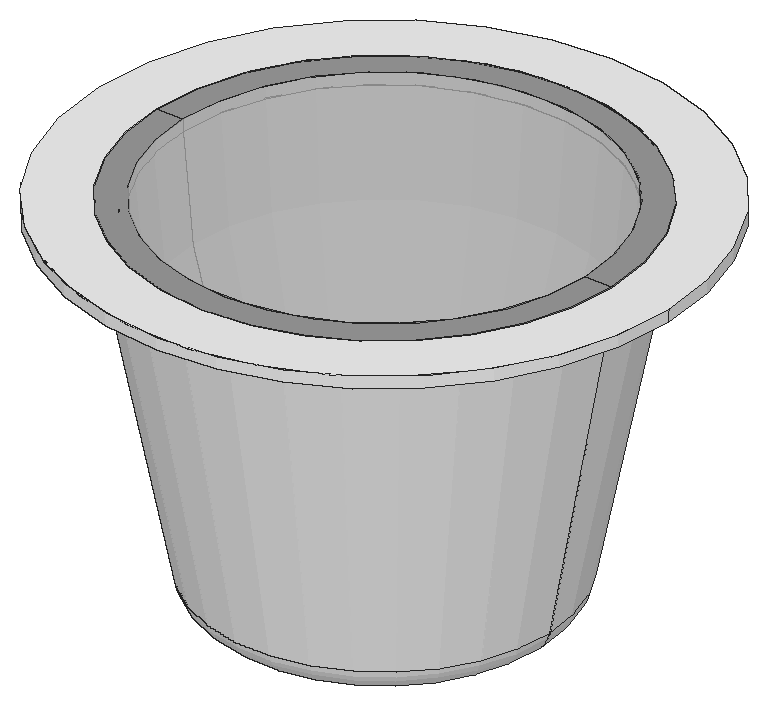
Revit family "2060521 Sylvania Lighting Fixture ASCENT100 II ARCH 1200 3K STD EMG 120", category Lighting Fixtures, host Face, Revit 2016
Family settings
  Host = Face
  Part Type = Normal
  Round Connector Dimension = Use Diameter
  OmniClass Number = 23.80.70.11.17
  OmniClass Title = Specialized Lighting by Location or Use
  Cut with Voids When Loaded = No
  Light Source = Yes
  Shared = No
  Room Calculation Point = No
Parameters (values of type "2060521 ASCT100 II ARCH 1200 3K STD EMG 120 Emergency mode")
  Weight = "1.43 kg"
  WarrantyStartDate [instance] = "n/a"
  WarrantyGuarantorParts = "n/a"
  WarrantyDurationUnit = "n/a"
  WarrantyDurationParts = "n/a"
  WarrantyDescription = "n/a"
  Voltage = 0 V
  TypeName = "ASCT100 II ARCH 1200 3K STD EMG 120 Emergency mode"
  SerialNumber [instance] = "n/a"
  ReflectorRadius_SYL = Radius_SYL - 15.0 mm  # 60.0 mm
  PowerFactor = 0
  PowerConsumption = "12 W"
  NominalWidth = 0.0 mm
  NominalLength = 0.0 mm
  NominalHeight = 94.0 mm
  Name = "ASCT100 II ARCH 1200 3K STD EMG 120 Emergency mode"
  ModelReference = "ASCT100 II ARCH 1200 3K STD EMG 120 Emergency mode"
  ModelNumber = "2060521"
  Material_4_SYL = Aluminium_Sylvania_Ascent_Silver
  Radius_SYL = 75.0 mm
  Wattage = 1.71134 W
  built-in parameter 1150110 = 1 (stored number, unit not read)
  URL = "http://www.sylvania-lighting.com"
  built-in parameter 1114217 = 1 (stored number, unit not read)
  Tilt Angle = -90°
  built-in parameter 1150109 = 1 (stored number, unit not read)
  built-in parameter 1150134 = (empty or 0)
  built-in parameter 1150113 = 1 (stored number, unit not read)
  Photometric Web File = "2060521EM.ies"
  Material = "aluminium housing, acrylic diffuser"
  ManufacturerName = "Feilo Sylvania"
  LuminousEfficacy = "97 lm/W"
  LuminaireType = ""
  LightOutputRatio = "100"
  LampsType = Lamp  # "LED"
  LampNominalLuminous = "1160 lm"
  LampMacAdamStep = "n/a"
  LampColourTemperature = "3000 K"
  LampColourRenderingIndex = "80"
  Keynote = "16500"
  InstallationDate [instance] = "n/a"
  InputVoltage = "n/a"
  InputNominalFrequency = "n/a"
  IngressProtection = "IP40"
  ImpactProtectionIndex = "IK02"
  IfcExportType = "IfcLightFixtureType"
  IfcExportAs = "IfcLightFixtureType"
  Height_SYL = 94.0 mm
  ExpectedLife = 50000
  Emit from Circle Diameter = 2 * DiffuserRadius_SYL  # 106.0 mm
  Emit Shape Visible in Rendering = no
  ElectricShockClassification = "Class II"
  DurationUnit = "hours"
  DocumentationLiterature = "http://www.sylvania-lighting.com/product/en-int/products/2060521"
  DimmingControlOptions = "n/a"
  DiffuserRadius_SYL = ReflectorRadius_SYL - 7.0 mm  # 53.0 mm
  Material_3_SYL = Polycarbonate_Sylvania_Ascent_Clear
  Diameter_SYL = 2 * Radius_SYL  # 150.0 mm
  CutoutDiameter_SYL = Diameter_SYL - 13.0 mm  # 137.0 mm
  CreatedOn = "9/17/2018"
  CreatedBy = "@sylvania-lighting.com"
  built-in parameter 1114216 [instance] = 1 (stored number, unit not read)
  Model = "ASCT100 II ARCH 1200 3K STD EMG 120 Emergency mode"
  Manufacturer = "Feilo Sylvania"
  built-in parameter 1150105 = 13.21 (stored number, unit not read)
  Lumens = 166 lm
  built-in parameter 1150115 = 1 (stored number, unit not read)
  built-in parameter 1150137 = (empty or 0)
  built-in parameter 1150139 = (empty or 0)
  built-in parameter 1150112 = 1 (stored number, unit not read)
  built-in parameter 1150114 = 1 (stored number, unit not read)
  Lamp = "LED"
  built-in parameter 1150132 = 2
  built-in parameter 1150102 = (empty or 0)
  built-in parameter 1150107 = 3000 (stored number, unit not read)
  built-in parameter 1150138 = (empty or 0)
  built-in parameter 1150106 = 0.1321 (stored number, unit not read)
  Material_1_SYL = Aluminum_Sylvania_Ascent_White
  built-in parameter 1150104 = 9.0116 (stored number, unit not read)
  Dimming Lamp Color Temperature Shift = <None>
  Description = "Direct LED retro fit for original LED 100 Arch (120) single CFL lamp offering Matching lumen levels and improved light distribution of original LED 100 CFL lamp equivalents Typically half the power consumption compared to CFL Up to 104lm/W 120mm aperture Architectural reflector accepts range of glass accessories from existing LED 100 Arch 120 offering HE, HO and VHO versions equivalent of single 1 x 13W, 1 x 18W, 1 x 26W Additional VVHO versions which offer the performance circa 2 x 26W equivalent"  # constant formula
  Default Elevation = 0.0 mm
  Color Filter = 16777215
  built-in parameter 1140040 [instance] = 1
  BarCode [instance] = "n/a"
  built-in parameter 1114218 = 1 (stored number, unit not read)
  built-in parameter 1150133 = 10 (stored number, unit not read)
  AssetType = "Fixed"
  AssetIdentifier [instance] = "n/a"
  Assembly Code = "D5020200"
  Apparent Load = 1.71134 VA
  Aperture_SYL = 2 * ReflectorRadius_SYL  # 120.0 mm
  Material_2_SYL = Aluminum_Sylvania_Ascent_White
Types (2, lengths in mm): name | TypeName | Name | ModelReference | Wattage | Photometric Web File | Model | built-in parameter 1150105 | Lumens | built-in parameter 1150106 | Apparent Load
  2060521 ASCT100 II ARCH 1200 3K STD EMG 120 Emergency mode | "ASCT100 II ARCH 1200 3K STD EMG 120 Emergency mode" | "ASCT100 II ARCH 1200 3K STD EMG 120 Emergency mode" | "ASCT100 II ARCH 1200 3K STD EMG 120 Emergency mode" | 1.71134 W | "2060521EM.ies" | "ASCT100 II ARCH 1200 3K STD EMG 120 Emergency mode" | 13.21 (stored number, unit not read) | 166 lm | 0.1321 (stored number, unit not read) | 1.71134 VA
  2060521 ASCT100 II ARCH 1200 3K STD EMG 120 | "ASCENT100 II ARCH 1200 3K STD EMG 120" | "ASCENT100 II ARCH 1200 3K STD EMG 120" | "ASCENT100 II ARCH 1200 3K STD EMG 120" | 12 W | "2060521.ies" | "ASCENT100 II ARCH 1200 3K STD EMG 120" | 92.628 (stored number, unit not read) | 1164 lm | 0.92628 (stored number, unit not read) | 12 VA
Reference planes
  plane 1 "Center (Front/Back)": y = 0
  plane 2: z = 0
  plane 3 "Center (Left/Right)": x = 0
  plane 4 "Fixture Bottom": z = 3
  plane 5: z = -52.5
  plane 6 "Fixture Top": z = -91
Forms (mm)
  Extrusion 1, solid, material "Aluminum_Sylvania_Ascent_White" <- "Material_2_SYL", detail levels fine
    sketch origin (0, 0, 0) x (1, 0, 0) y (0, 1, 0)
      loop
        circle (0, 0) r 75
      loop
        circle (0, 0) r 60
    from 0 to 3
  Extrusion 2, void
    sketch origin (0, 0, 0) x (1, 0, 0) y (0, 1, 0)
      loop
        circle (0, 0) r 68.5
    from -91 to 3
  Revolve 3, solid, material "Aluminum_Sylvania_Ascent_White" <- "Material_1_SYL", detail levels fine
    sketch origin (0, 0, 0) x (1, 0, 0) y (0, 0, 1)
      loop
        line (0, -91.073) -> (0, -89.023) -> (-35.468, -89.014)
        arc (-35.468, -89.014) -> (-39.352, -87.613) -> (-41.54, -84.139) r 6.307
        line (-41.54, -84.139) -> (-57.991, -2.844) -> (-57.991, 0) -> (-60, 0) -> (-60, -3) -> (-43.5, -84.536)
        arc (-43.5, -84.536) -> (-40.643, -89.203) -> (-35.5, -91.073) r 8.291
        line (-35.5, -91.073) -> (0, -91.073)
      axis (0, 0) -> (0, -91.073)
    angle from 0 to 360
  Revolve 4, solid, material "Aluminium_Sylvania_Ascent_Silver" <- "Material_4_SYL", detail levels fine
    sketch origin (0, 0, 0) x (1, 0, 0) y (0, 0, 1)
      loop
        line (-60, 3) -> (-60, 0) -> (-55, 0)
        arc (-55, 0) -> (-52.349, -26.77) -> (-44.5, -52.5) r 136.5
        line (-44.5, -52.5) -> (-38, -52.5)
        arc (-38, -52.5) -> (-36.857, -61.521) -> (-33.5, -69.971) r 36.166
        line (-33.5, -69.971) -> (0, -69.971) -> (0, -50.5) -> (-43.16, -50.5)
        arc (-43.16, -50.5) -> (-50.517, -25.725) -> (-53, 0) r 134.5
        line (-53, 0) -> (-53, 3) -> (-60, 3)
      axis (0, 3) -> (0, -69.971)
    angle from 0 to 360
  Extrusion 5, solid, material "Polycarbonate_Sylvania_Ascent_Clear" <- "Material_3_SYL", detail levels fine
    sketch origin (0, 0, 0) x (1, 0, 0) y (0, 1, 0)
      loop
        circle (0, 0) r 53
    from 0 to 3
  Revolve 6, solid, material "Aluminum_Sylvania_Ascent_White" <- "Material_2_SYL", detail levels coarse+medium
    sketch origin (0, 0, 0) x (1, 0, 0) y (0, 0, 1)
      loop
        line (0, -91.073) -> (0, 3) -> (-75, 3) -> (-75, 0) -> (-60, 0) -> (-60, -3) -> (-43.5, -84.536)
        arc (-43.5, -84.536) -> (-40.643, -89.203) -> (-35.5, -91.073) r 8.291
        line (-35.5, -91.073) -> (0, -91.073)
      axis (0, 3) -> (0, -91.073)
    angle from 0 to 360
Dimensions and locks
  locked: plane 4 "Fixture Bottom" to plane 2 at 3
  "Height_SYL": plane 4 "Fixture Bottom" to plane 6 "Fixture Top"
  "ReflectorRadius_SYL": plane 3 "Center (Left/Right)" to Revolve 4 sketch curve
  locked: Revolve 4 sketch curve to Revolve 4 sketch curve at 15.5
  locked: Revolve 4 sketch curve to Revolve 4 sketch curve at 5
  locked: Revolve 4 sketch curve to Revolve 4 sketch curve at 7
  locked: Revolve 4 sketch curve to Revolve 4 sketch curve at 22
  locked: Revolve 4 sketch curve to Revolve 4 sketch curve at 26.5
  locked: Revolve 3 sketch curve to Revolve 3 sketch curve at 16.5
  locked: Revolve 3 sketch curve to Revolve 3 sketch curve at 24.5
  "ReflectorRadius_SYL": Revolve 3 sketch curve to plane 3 "Center (Left/Right)"
  locked: Revolve 3 sketch curve to plane 6 "Fixture Top" at 6.464
  locked: plane 2 to Revolve 3 sketch curve at 3
  locked: Revolve 3 sketch curve to Revolve 3 sketch curve at 2
  locked: Revolve 3 sketch curve to Revolve 3 sketch curve at 2.009
  locked: plane 2 to plane 5 at 52.5
  locked: Revolve 6 sketch curve to Revolve 6 sketch curve at 31.5
  locked: Revolve 6 sketch curve to Revolve 6 sketch curve at 39.5
  locked: Revolve 6 sketch curve to Revolve 6 sketch curve at 15
  "Radius_SYL": plane 3 "Center (Left/Right)" to Revolve 6 sketch curve
  "CutoutDiameter_SYL": diameter of Extrusion 2 sketch curve
  "ReflectorRadius_SYL": radius of Extrusion 1 sketch curve
  "DiffuserRadius_SYL": radius of Extrusion 5 sketch curve
  "Radius_SYL": radius of Extrusion 1 sketch curve
  aligned and locked: host face to plane 2
  aligned and locked: host face to level
  aligned and locked: plane 1 "Center (Front/Back)" to imposter light
  aligned and locked: plane 3 "Center (Left/Right)" to imposter light
  aligned and locked: plane 4 "Fixture Bottom" to Extrusion 1
  aligned and locked: Extrusion 1 to plane 2
  aligned and locked: Revolve 3 sketch curve to plane 3 "Center (Left/Right)"
  aligned and locked: Revolve 4 sketch curve to plane 3 "Center (Left/Right)"  (x2)
  aligned and locked: plane 4 "Fixture Bottom" to Revolve 4 sketch curve
  aligned and locked: Revolve 3 sketch curve to imposter light
  aligned and locked: Extrusion 5 to plane 2
  aligned and locked: imposter light to Extrusion 5
  aligned and locked: plane 2 to Revolve 3 sketch curve  (x2)
  aligned and locked: Revolve 6 sketch curve to imposter light
  aligned and locked: Revolve 6 sketch curve to plane 3 "Center (Left/Right)"
  aligned and locked: plane 6 "Fixture Top" to Extrusion 2
  aligned and locked: imposter light to Extrusion 2
  aligned and locked: imposter light to plane 4 "Fixture Bottom"
Automatic sketch dimensions
  plane 1 "Center (Front/Back)" to Extrusion 2 sketch curve = 0.0 mm
  Extrusion 2 sketch curve to plane 3 "Center (Left/Right)" = 0.0 mm
  Extrusion 1 sketch curve to Extrusion 1 sketch curve = 0.0 mm  (x2)
  plane 1 "Center (Front/Back)" to Extrusion 1 sketch curve = 0.0 mm
  Extrusion 1 sketch curve to plane 3 "Center (Left/Right)" = 0.0 mm
  plane 6 "Fixture Top" to Revolve 3 sketch curve = 0.073 mm
  Revolve 3 sketch curve to plane 6 "Fixture Top" = 6.861 mm
  Revolve 3 sketch curve to Revolve 3 sketch curve = 0.003 mm
  Revolve 3 sketch curve to Revolve 3 sketch curve = 0.009 mm  (x2)
  Revolve 3 sketch curve to Revolve 3 sketch curve = 0.023 mm
  Revolve 3 sketch curve to Revolve 3 sketch curve = 0.072 mm
  Revolve 3 sketch curve to Revolve 3 sketch curve = 0.008 mm
  Revolve 3 sketch curve to plane 6 "Fixture Top" = 1.977 mm
  Revolve 3 sketch curve to Revolve 3 sketch curve = 33.496 mm
  Revolve 3 sketch curve to Revolve 3 sketch curve = 0.028 mm
  plane 4 "Fixture Bottom" to Revolve 3 sketch curve = 82.431 mm
  Revolve 4 sketch curve to Revolve 4 sketch curve = 0.0 mm  (x2)
  Revolve 4 sketch curve to plane 5 = 0.0 mm
  Revolve 4 sketch curve to level = 0.0 mm
  plane 5 to Revolve 4 sketch curve = 2.0 mm
  plane 4 "Fixture Bottom" to Revolve 4 sketch curve = 9.642 mm
  plane 1 "Center (Front/Back)" to Extrusion 5 sketch curve = 0.0 mm
  Extrusion 5 sketch curve to plane 3 "Center (Left/Right)" = 0.0 mm
  Revolve 4 sketch curve to level = 69.971 mm
  Revolve 4 sketch curve to Revolve 4 sketch curve = 2.387 mm
  Revolve 6 sketch curve to level = 0.0 mm
  Revolve 6 sketch curve to plane 3 "Center (Left/Right)" = 0.0 mm
  Revolve 6 sketch curve to Revolve 6 sketch curve = 8.104 mm
  Revolve 6 sketch curve to level = 3.0 mm
  Revolve 6 sketch curve to plane 6 "Fixture Top" = 6.464 mm
  plane 6 "Fixture Top" to Revolve 6 sketch curve = 0.073 mm
  Revolve 6 sketch curve to Revolve 6 sketch curve = 33.496 mm
  plane 4 "Fixture Bottom" to Revolve 6 sketch curve = 82.431 mm
  host sketch curve to host sketch curve = 1368.192 mm
  host sketch curve to host sketch curve = 1600.367 mm
Connectors
  electrical at (0, 0, -91.073), driven by "Apparent Load"
    settings: on Revolve 3, index 1, voltage 240 V, apparent load 0 VA, apparent load phase1 1.71134 VA, apparent load phase2 0 VA, apparent load phase3 0 VA, power factor 1, load classification "Lighting", number of poles 1, system type 31, power factor state 1, is connector primary yes, connector utility no, sub classification motor no, connector description ""
